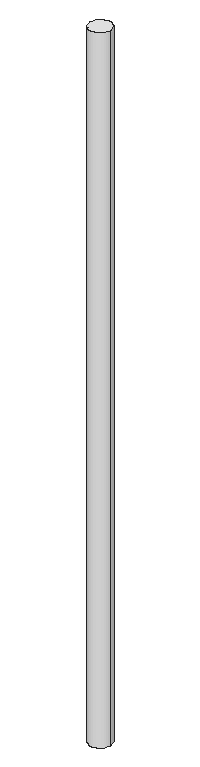
Revit family "9ba354da4d394c53a91bef0c665618e2", category Structural Foundations, Revit 2021
Family settings
  Material for Model Behavior = Steel
  Cap = No
  OmniClass Number = 23.25.05.11.14.21
  OmniClass Title = Rolled Steel Section Driven Piles
  Seek Item ID = Pile-Steel Pipe-0000-USA-ENU
  Work Plane-Based = No
  Always vertical = Yes
  Cut with Voids When Loaded = No
  Shared = Yes
Parameters (values of type "8" Diameter")
  Structural Material [instance] = Steel ASTM A572
  Radius = Diameter / 2  # 0' - 4"
  Minimum Embedment = 0' - 6"
  Diameter = 0' - 8"
  Depth = 20' - 0"
  Assembly Code = "A1020130"
Types (7): name | Radius | Diameter
  (no name) | 0' - 4" | 0' - 8"
  12" Diameter | 0' - 6" | 1' - 0"
  24" Diameter | 1' - 0" | 2' - 0"
  10" Diameter | 0' - 5" | 0' - 10"
  16" Diameter | 0' - 8" | 1' - 4"
  20" Diameter | 0' - 10" | 1' - 8"
  8" Diameter | 0' - 4" | 0' - 8"
Reference planes (in)
  plane 1 "Center (Front/Back)": y = 0
  plane 2: z = 0
  plane 3 "Center (Left/Right)": x = 0
  plane 4: z = -240
  plane 5: z = 6
Forms (in)
  Extrusion 1, solid, material "Steel ASTM A572" <- "Structural Material"
    sketch origin (0, 0, 0) x (1, 0, 0) y (0, 1, 0)
      loop
        circle (0, 0) r 4
    from -240 to 6
Dimensions and locks (in)
  "Depth": plane 2 to plane 4
  "Minimum Embedment": plane 5 to plane 2
  "Radius": radius of Extrusion 1 sketch curve
  aligned and locked: Extrusion 1 to plane 4
  aligned and locked: Extrusion 1 to plane 5
Automatic sketch dimensions
  Extrusion 1 sketch curve to plane 1 "Center (Front/Back)" = 0' - 0"
  Extrusion 1 sketch curve to plane 3 "Center (Left/Right)" = 0' - 0"
